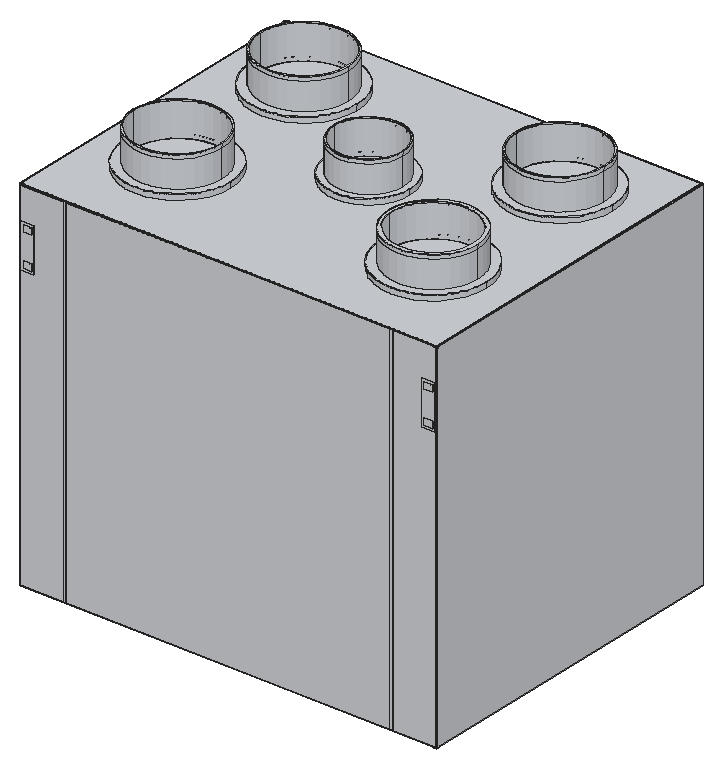
Revit family "Flexit Nordic S 4 R E 800 L 230", category Mechanical Equipment, Revit 2018
Family settings
  Round Connector Dimension = Use Radius
  Part Type = Normal
  Work Plane-Based = No
  Always vertical = Yes
  Cut with Voids When Loaded = No
  Shared = No
  Room Calculation Point = No
Parameters
  magiProductId = "Flexit Nordic S 4 R E 800 L 230"
  magiPartTypeId = 210
  magiFamilyGeom = MagiCAD_Flexit Nordic S 4 R E 800 L 230 : MagiCAD_Flexit Nordic S 4 R E 800 L 230
  Ytelse  SFP-sum vinter [instance] = "0.97 kJ/m³"
  Weight = 0.00 kg
  Vifte, tilluft  Vinter  Vifteinstilling [instance] = "60 %"
  Vifte, avtrekksluft  Vinter  Vifteinstilling [instance] = "60 %"
  VersionID = "1.0/2020.0"
  Varmegjenvinning  Vinter  Komponentvirkningsgrad, tilluft (EN308) [instance] = "85 %"
  Varmegjenvinning  Vinter  Aggregatvirkningsgrad, tilluft (EN13141-7) [instance] = "83 %"
  Uteluft [instance] = "160 mm"
  Tilluftskanal, vinter [instance] = "37 47 54 55 52 52 44 35 dB(A)"
  Tilluft  Trykkfall vinter [instance] = 80.0 Pa
  Tilluft  Luftmengde vinter [instance] = "0.075 m³/s"
  Tilluft [instance] = "160 mm"
  Supply 1 Sound power level [instance] = "63 64 62 58 52 51 43 36 dB"
  Supply 1 Pressure drop min [instance] = 72.0 Pa
  Supply 1 Pressure drop max [instance] = 88.0 Pa
  Supply 1 Pressure drop [instance] = 80.0 Pa
  Supply 1 Airflow operation point min [instance] = 71.25 L/s
  Supply 1 Airflow operation point max [instance] = 78.75 L/s
  Supply 1 Airflow min [instance] = 27.7 L/s
  Supply 1 Airflow max [instance] = 138.8 L/s
  Supply 1 Airflow [instance] = 75.0 L/s
  Resultater  Vekt [instance] = "62 kg"
  Productdata [instance] = "© MagiCAD Group, all rights reserved"
  Pressure rise, supply [instance] = 80.0 Pa
  Pressure rise, extract [instance] = 80.0 Pa
  Outdoor 1 Sound power level [instance] = "63 64 62 58 52 51 43 36 dB"
  Outdoor 1 Pressure drop min [instance] = 0.0 Pa
  Outdoor 1 Pressure drop max [instance] = 0.0 Pa
  Outdoor 1 Pressure drop [instance] = 0.0 Pa
  Outdoor 1 Airflow operation point min [instance] = 71.25 L/s
  Outdoor 1 Airflow operation point max [instance] = 78.75 L/s
  Outdoor 1 Airflow min [instance] = 27.7 L/s
  Outdoor 1 Airflow max [instance] = 138.8 L/s
  Outdoor 1 Airflow [instance] = 75.0 L/s
  Omgivelse, vinter [instance] = "25 30 33 29 28 32 27 22 dB(A)"
  Kjøkkenkanal [instance] = "125 mm"
  Generelt  Informasjon [instance] = ""
  Generelt  Beskrivelse / Plassering [instance] = ""
  Extract 9 Sound power level [instance] = "55 56 55 40 37 34 24 21 dB"
  Extract 9 Pressure drop min [instance] = 0.0 Pa
  Extract 9 Pressure drop max [instance] = 0.0 Pa
  Extract 9 Pressure drop [instance] = 0.0 Pa
  Extract 9 Airflow operation point min [instance] = 71.25 L/s
  Extract 9 Airflow operation point max [instance] = 78.75 L/s
  Extract 9 Airflow min [instance] = 27.7 L/s
  Extract 9 Airflow max [instance] = 138.8 L/s
  Extract 9 Airflow [instance] = 75.0 L/s
  Extract 1 Sound power level [instance] = "55 56 55 40 37 34 24 21 dB"
  Extract 1 Pressure drop min [instance] = 72.0 Pa
  Extract 1 Pressure drop max [instance] = 88.0 Pa
  Extract 1 Pressure drop [instance] = 80.0 Pa
  Extract 1 Airflow operation point min [instance] = 71.25 L/s
  Extract 1 Airflow operation point max [instance] = 78.75 L/s
  Extract 1 Airflow min [instance] = 27.7 L/s
  Extract 1 Airflow max [instance] = 138.8 L/s
  Extract 1 Airflow [instance] = 75.0 L/s
  Exhaust 1 Sound power level [instance] = "55 56 55 40 37 34 24 21 dB"
  Exhaust 1 Pressure drop min [instance] = 0.0 Pa
  Exhaust 1 Pressure drop max [instance] = 0.0 Pa
  Exhaust 1 Pressure drop [instance] = 0.0 Pa
  Exhaust 1 Airflow operation point min [instance] = 71.25 L/s
  Exhaust 1 Airflow operation point max [instance] = 78.75 L/s
  Exhaust 1 Airflow min [instance] = 27.7 L/s
  Exhaust 1 Airflow max [instance] = 138.8 L/s
  Exhaust 1 Airflow [instance] = 75.0 L/s
  Dimensjoner [instance] = "753x600x715 mm"
  Avtrekkskanal, vinter [instance] = "29 40 46 37 37 35 25 20 dB(A)"
  Avtrekk  Trykkfall vinter [instance] = 80.0 Pa
  Avtrekk  Luftmengde vinter [instance] = "0.075 m³/s"
  Avtrekk [instance] = "160 mm"
  Avkast [instance] = "160 mm"
Reference planes
  plane 1 "Center (Front/Back)": y = 0
  plane 2: z = 0
  plane 3 "Center (Left/Right)": x = 0
Forms (mm)
  Extrusion 1, solid, not visible
    sketch origin (607, 174, 715) x (1, 0, 0) y (0, 1, 0)
      loop
        line (15.24, 15.24) -> (-15.24, 15.24) -> (-15.24, -15.24) -> (15.24, -15.24) -> (15.24, 15.24)
    from 0 to -30.48
  Extrusion 2, solid, not visible
    sketch origin (146, 174, 715) x (1, 0, 0) y (0, 1, 0)
      loop
        line (15.24, 15.24) -> (-15.24, 15.24) -> (-15.24, -15.24) -> (15.24, -15.24) -> (15.24, 15.24)
    from 0 to -30.48
  Extrusion 3, solid, not visible
    sketch origin (607, 459, 715) x (1, 0, 0) y (0, 1, 0)
      loop
        line (15.24, 15.24) -> (-15.24, 15.24) -> (-15.24, -15.24) -> (15.24, -15.24) -> (15.24, 15.24)
    from 0 to -30.48
  Extrusion 4, solid, not visible
    sketch origin (376.5, 316, 715) x (1, 0, 0) y (0, 1, 0)
      loop
        line (15.24, 15.24) -> (-15.24, 15.24) -> (-15.24, -15.24) -> (15.24, -15.24) -> (15.24, 15.24)
    from 0 to -30.48
  Extrusion 5, solid, not visible
    sketch origin (146, 459, 715) x (1, 0, 0) y (0, 1, 0)
      loop
        line (15.24, 15.24) -> (-15.24, 15.24) -> (-15.24, -15.24) -> (15.24, -15.24) -> (15.24, 15.24)
    from 0 to -30.48
Text (mm)
  text "© MagiCAD Group, all rights reserved" at (-487.68, -1524, 0), in view "Ref. Level"
Nested families
  nested 1: "MagiCAD_Flexit Nordic S 4 R E 800 L 230" at (0, 0, 0), type <- "magiFamilyGeom", type "MagiCAD_Flexit Nordic S 4 R E 800 L 230"
Connectors
  hvac at (607, 174, 715)
    settings: on Extrusion 1, index 1, duct flow 0.0 L/s, flow factor 0, pres drop 0.0 Pa, loss coef 0, conn angle 0.00°, conn width 304.8 mm, conn height 304.8 mm, conn diameter 160 mm, duct sys type 1, conn prof type 0, flow config 0, flow direction 2, loss method 0, conn ref index -1, conn util no, is conn primary yes, conn desc "Supply 1"
  hvac at (146, 174, 715)
    settings: on Extrusion 2, index 2, duct flow 0.0 L/s, flow factor 0, pres drop 0.0 Pa, loss coef 0, conn angle 0.00°, conn width 304.8 mm, conn height 304.8 mm, conn diameter 160 mm, duct sys type 1, conn prof type 0, flow config 0, flow direction 1, loss method 0, conn ref index -1, conn util no, is conn primary no, conn desc "Outdoor 1"
  hvac at (607, 459, 715)
    settings: on Extrusion 3, index 3, duct flow 0.0 L/s, flow factor 0, pres drop 0.0 Pa, loss coef 0, conn angle 0.00°, conn width 304.8 mm, conn height 304.8 mm, conn diameter 160 mm, duct sys type 2, conn prof type 0, flow config 0, flow direction 1, loss method 0, conn ref index -1, conn util no, is conn primary no, conn desc "Extract 1"
  hvac at (376.5, 316, 715)
    settings: on Extrusion 4, index 4, duct flow 0.0 L/s, flow factor 0, pres drop 0.0 Pa, loss coef 0, conn angle 0.00°, conn width 304.8 mm, conn height 304.8 mm, conn diameter 125 mm, duct sys type 2, conn prof type 0, flow config 0, flow direction 1, loss method 0, conn ref index -1, conn util no, is conn primary no, conn desc "Extract 9"
  hvac at (146, 459, 715)
    settings: on Extrusion 5, index 5, duct flow 0.0 L/s, flow factor 0, pres drop 0.0 Pa, loss coef 0, conn angle 0.00°, conn width 304.8 mm, conn height 304.8 mm, conn diameter 160 mm, duct sys type 3, conn prof type 0, flow config 0, flow direction 2, loss method 0, conn ref index -1, conn util no, is conn primary no, conn desc "Exhaust 1"
Definition of nested family "MagiCAD_Flexit Nordic S 4 R E 800 L 230"
  Reference planes
    plane 1 "Center (Front/Back)": y = 0
    plane 2: z = 0
    plane 3 "Center (Left/Right)": x = 0
  Forms (mm)
    Extrusion 1, solid
      sketch origin (146, 459, 650) x (1, 0, 0) y (0, 1, 0)
        loop
          circle (0, 0) r 79.9
      from 0 to 2
    Extrusion 2, void
      sketch origin (146, 459, 650) x (1, 0, 0) y (0, 1, 0)
        loop
          circle (0, 0) r 79.7
      from 0.2 to 2
    Extrusion 3, solid
      sketch origin (146, 459, 650) x (1, 0, 0) y (0, 1, 0)
        loop
          circle (0, 0) r 80
      from 0 to 65
    Extrusion 4, void
      sketch origin (146, 459, 650) x (1, 0, 0) y (0, 1, 0)
        loop
          circle (0, 0) r 79.8
      from 0 to 65
    Extrusion 5, solid
      sketch origin (146, 459, 650) x (1, 0, 0) y (0, 1, 0)
        loop
          circle (0, 0) r 96
      from 0 to 10
    Extrusion 6, void
      sketch origin (146, 459, 650) x (1, 0, 0) y (0, 1, 0)
        loop
          circle (0, 0) r 95.8
      from 0 to 10
    Extrusion 7, solid
      sketch origin (146, 459, 708.5) x (1, 0, 0) y (0, 1, 0)
        loop
          circle (0, 0) r 80.05
      from 0 to 6.5
    Extrusion 8, void
      sketch origin (146, 459, 708.5) x (1, 0, 0) y (0, 1, 0)
        loop
          circle (0, 0) r 79.85
      from 0 to 6.5
    Extrusion 9, solid
      sketch origin (607, 459, 650) x (1, 0, 0) y (0, 1, 0)
        loop
          circle (0, 0) r 79.9
      from 0 to 2
    Extrusion 10, void
      sketch origin (607, 459, 650) x (1, 0, 0) y (0, 1, 0)
        loop
          circle (0, 0) r 79.7
      from 0.2 to 2
    Extrusion 11, solid
      sketch origin (607, 459, 650) x (1, 0, 0) y (0, 1, 0)
        loop
          circle (0, 0) r 80
      from 0 to 65
    Extrusion 12, void
      sketch origin (607, 459, 650) x (1, 0, 0) y (0, 1, 0)
        loop
          circle (0, 0) r 79.8
      from 0 to 65
    Extrusion 13, solid
      sketch origin (607, 459, 650) x (1, 0, 0) y (0, 1, 0)
        loop
          circle (0, 0) r 96
      from 0 to 10
    Extrusion 14, void
      sketch origin (607, 459, 650) x (1, 0, 0) y (0, 1, 0)
        loop
          circle (0, 0) r 95.8
      from 0 to 10
    Extrusion 15, solid
      sketch origin (607, 459, 708.5) x (1, 0, 0) y (0, 1, 0)
        loop
          circle (0, 0) r 80.05
      from 0 to 6.5
    Extrusion 16, void
      sketch origin (607, 459, 708.5) x (1, 0, 0) y (0, 1, 0)
        loop
          circle (0, 0) r 79.85
      from 0 to 6.5
    Extrusion 17, solid
      sketch origin (146, 174, 650) x (1, 0, 0) y (0, 1, 0)
        loop
          circle (0, 0) r 79.9
      from 0 to 2
    Extrusion 18, void
      sketch origin (146, 174, 650) x (1, 0, 0) y (0, 1, 0)
        loop
          circle (0, 0) r 79.7
      from 0.2 to 2
    Extrusion 19, solid
      sketch origin (146, 174, 650) x (1, 0, 0) y (0, 1, 0)
        loop
          circle (0, 0) r 80
      from 0 to 65
    Extrusion 20, void
      sketch origin (146, 174, 650) x (1, 0, 0) y (0, 1, 0)
        loop
          circle (0, 0) r 79.8
      from 0 to 65
    Extrusion 21, solid
      sketch origin (146, 174, 650) x (1, 0, 0) y (0, 1, 0)
        loop
          circle (0, 0) r 96
      from 0 to 10
    Extrusion 22, void
      sketch origin (146, 174, 650) x (1, 0, 0) y (0, 1, 0)
        loop
          circle (0, 0) r 95.8
      from 0 to 10
    Extrusion 23, solid
      sketch origin (146, 174, 708.5) x (1, 0, 0) y (0, 1, 0)
        loop
          circle (0, 0) r 80.05
      from 0 to 6.5
    Extrusion 24, void
      sketch origin (146, 174, 708.5) x (1, 0, 0) y (0, 1, 0)
        loop
          circle (0, 0) r 79.85
      from 0 to 6.5
    Extrusion 25, solid
      sketch origin (607, 174, 650) x (1, 0, 0) y (0, 1, 0)
        loop
          circle (0, 0) r 79.9
      from 0 to 2
    Extrusion 26, void
      sketch origin (607, 174, 650) x (1, 0, 0) y (0, 1, 0)
        loop
          circle (0, 0) r 79.7
      from 0.2 to 2
    Extrusion 27, solid
      sketch origin (607, 174, 650) x (1, 0, 0) y (0, 1, 0)
        loop
          circle (0, 0) r 80
      from 0 to 65
    Extrusion 28, void
      sketch origin (607, 174, 650) x (1, 0, 0) y (0, 1, 0)
        loop
          circle (0, 0) r 79.8
      from 0 to 65
    Extrusion 29, solid
      sketch origin (607, 174, 650) x (1, 0, 0) y (0, 1, 0)
        loop
          circle (0, 0) r 96
      from 0 to 10
    Extrusion 30, void
      sketch origin (607, 174, 650) x (1, 0, 0) y (0, 1, 0)
        loop
          circle (0, 0) r 95.8
      from 0 to 10
    Extrusion 31, solid
      sketch origin (607, 174, 708.5) x (1, 0, 0) y (0, 1, 0)
        loop
          circle (0, 0) r 80.05
      from 0 to 6.5
    Extrusion 32, void
      sketch origin (607, 174, 708.5) x (1, 0, 0) y (0, 1, 0)
        loop
          circle (0, 0) r 79.85
      from 0 to 6.5
    Extrusion 33, solid
      sketch origin (376.5, 316, 650) x (1, 0, 0) y (0, 1, 0)
        loop
          circle (0, 0) r 62.4
      from 0 to 2
    Extrusion 34, void
      sketch origin (376.5, 316, 650) x (1, 0, 0) y (0, 1, 0)
        loop
          circle (0, 0) r 62.2
      from 0.2 to 2
    Extrusion 35, solid
      sketch origin (376.5, 316, 650) x (1, 0, 0) y (0, 1, 0)
        loop
          circle (0, 0) r 62.5
      from 0 to 65
    Extrusion 36, void
      sketch origin (376.5, 316, 650) x (1, 0, 0) y (0, 1, 0)
        loop
          circle (0, 0) r 62.3
      from 0 to 65
    Extrusion 37, solid
      sketch origin (376.5, 316, 650) x (1, 0, 0) y (0, 1, 0)
        loop
          circle (0, 0) r 75
      from 0 to 10
    Extrusion 38, void
      sketch origin (376.5, 316, 650) x (1, 0, 0) y (0, 1, 0)
        loop
          circle (0, 0) r 74.8
      from 0 to 10
    Extrusion 39, solid
      sketch origin (376.5, 316, 708.5) x (1, 0, 0) y (0, 1, 0)
        loop
          circle (0, 0) r 62.55
      from 0 to 6.5
    Extrusion 40, void
      sketch origin (376.5, 316, 708.5) x (1, 0, 0) y (0, 1, 0)
        loop
          circle (0, 0) r 62.35
      from 0 to 6.5
    Extrusion 41, solid
      sketch origin (146, 459, 660) x (1, 0, 0) y (0, 1, 0)
        loop
          circle (0, 0) r 80.05
        loop
          circle (0, 0) r 96
      from -0.1 to 0.1
    Extrusion 42, solid
      sketch origin (146, 459, 652) x (1, 0, 0) y (0, 1, 0)
        loop
          circle (0, 0) r 79.9
      from -0.1 to 0.1
    Extrusion 43, solid
      sketch origin (146, 459, 715) x (1, 0, 0) y (0, 1, 0)
        loop
          circle (0, 0) r 78
        loop
          circle (0, 0) r 80
      from -0.1 to 0.1
    Extrusion 44, solid
      sketch origin (607, 459, 660) x (1, 0, 0) y (0, 1, 0)
        loop
          circle (0, 0) r 80.05
        loop
          circle (0, 0) r 96
      from -0.1 to 0.1
    Extrusion 45, solid
      sketch origin (607, 459, 652) x (1, 0, 0) y (0, 1, 0)
        loop
          circle (0, 0) r 79.9
      from -0.1 to 0.1
    Extrusion 46, solid
      sketch origin (607, 459, 715) x (1, 0, 0) y (0, 1, 0)
        loop
          circle (0, 0) r 78
        loop
          circle (0, 0) r 80
      from -0.1 to 0.1
    Extrusion 47, solid
      sketch origin (146, 174, 660) x (1, 0, 0) y (0, 1, 0)
        loop
          circle (0, 0) r 80.05
        loop
          circle (0, 0) r 96
      from -0.1 to 0.1
    Extrusion 48, solid
      sketch origin (146, 174, 652) x (1, 0, 0) y (0, 1, 0)
        loop
          circle (0, 0) r 79.9
      from -0.1 to 0.1
    Extrusion 49, solid
      sketch origin (146, 174, 715) x (1, 0, 0) y (0, 1, 0)
        loop
          circle (0, 0) r 78
        loop
          circle (0, 0) r 80
      from -0.1 to 0.1
    Extrusion 50, solid
      sketch origin (607, 174, 660) x (1, 0, 0) y (0, 1, 0)
        loop
          circle (0, 0) r 80.05
        loop
          circle (0, 0) r 96
      from -0.1 to 0.1
    Extrusion 51, solid
      sketch origin (607, 174, 652) x (1, 0, 0) y (0, 1, 0)
        loop
          circle (0, 0) r 79.9
      from -0.1 to 0.1
    Extrusion 52, solid
      sketch origin (607, 174, 715) x (1, 0, 0) y (0, 1, 0)
        loop
          circle (0, 0) r 73.5
        loop
          circle (0, 0) r 80
      from -0.1 to 0.1
    Extrusion 53, solid
      sketch origin (376.5, 316, 660) x (1, 0, 0) y (0, 1, 0)
        loop
          circle (0, 0) r 62.55
        loop
          circle (0, 0) r 75
      from -0.1 to 0.1
    Extrusion 54, solid
      sketch origin (376.5, 316, 652) x (1, 0, 0) y (0, 1, 0)
        loop
          circle (0, 0) r 62.4
      from -0.1 to 0.1
    Extrusion 55, solid
      sketch origin (376.5, 316, 715) x (1, 0, 0) y (0, 1, 0)
        loop
          circle (0, 0) r 60.5
        loop
          circle (0, 0) r 62.5
      from -0.1 to 0.1
    Extrusion 56, solid
      sketch origin (2, 598, 648) x (1, 0, 0) y (0, 1, 0)
        loop
          line (749, 0) -> (749, 2) -> (0, 2) -> (0, 0) -> (749, 0)
      from -0.1 to 0.1
    Extrusion 57, solid
      sketch origin (2, 598, 650) x (0, 0, 1) y (1, 0, 0)
        loop
          line (0, 749) -> (-2, 749) -> (-2, 0) -> (0, 0) -> (0, 749)
      from -0.1 to 0.1
    Extrusion 58, solid
      sketch origin (2, 600, 648) x (1, 0, 0) y (0, -0.707107, 0.707107)
        loop
          line (749, 0) -> (749, 2.828) -> (0, 2.828) -> (0, 0) -> (749, 0)
      from -0.1 to 0.1
    Extrusion 59, solid
      sketch origin (751, 598, 648) x (0, 1, 0) y (0, 0, 1)
        loop
          line (2, 0) -> (0, 2) -> (0, 0) -> (2, 0)
      from -0.1 to 0.1
    Extrusion 60, solid
      sketch origin (2, 598, 648) x (0, 1, 0) y (0, 0, 1)
        loop
          line (2, 0) -> (0, 2) -> (0, 0) -> (2, 0)
      from -0.1 to 0.1
    Extrusion 61, solid
      sketch origin (2, 598, 2) x (0, 0, 1) y (1, 0, 0)
        loop
          line (0, 749) -> (-2, 749) -> (-2, 0) -> (0, 0) -> (0, 749)
      from -0.1 to 0.1
    Extrusion 62, solid
      sketch origin (2, 600, 2) x (0, 1, 0) y (1, 0, 0)
        loop
          line (0, 749) -> (-2, 749) -> (-2, 0) -> (0, 0) -> (0, 749)
      from -0.1 to 0.1
    Extrusion 63, solid
      sketch origin (2, 598, 0) x (1, 0, 0) y (0, 0.707107, 0.707107)
        loop
          line (749, 0) -> (749, 2.828) -> (0, 2.828) -> (0, 0) -> (749, 0)
      from -0.1 to 0.1
    Extrusion 64, solid
      sketch origin (751, 598, 2) x (0, 1, 0) y (0, 0, 1)
        loop
          line (0, -2) -> (2, 0) -> (0, 0) -> (0, -2)
      from -0.1 to 0.1
    Extrusion 65, solid
      sketch origin (2, 598, 2) x (0, 1, 0) y (0, 0, 1)
        loop
          line (0, -2) -> (2, 0) -> (0, 0) -> (0, -2)
      from -0.1 to 0.1
    Extrusion 66, solid
      sketch origin (751, 598, 648) x (0, 1, 0) y (0, 0, 1)
        loop
          line (0, -646) -> (2, -646) -> (2, 0) -> (0, 0) -> (0, -646)
      from -0.1 to 0.1
    Extrusion 67, solid
      sketch origin (753, 598, 648) x (0, 0, 1) y (1, 0, 0)
        loop
          line (-646, 0) -> (-646, -2) -> (0, -2) -> (0, 0) -> (-646, 0)
      from -0.1 to 0.1
    Extrusion 68, solid
      sketch origin (751, 600, 648) x (0.707107, -0.707107, 0) y (0, 0, 1)
        loop
          line (0, -646) -> (2.828, -646) -> (2.828, 0) -> (0, 0) -> (0, -646)
      from -0.1 to 0.1
    Extrusion 69, solid
      sketch origin (751, 598, 2) x (0, 1, 0) y (1, 0, 0)
        loop
          line (2, 0) -> (0, 2) -> (0, 0) -> (2, 0)
      from -0.1 to 0.1
    Extrusion 70, solid
      sketch origin (751, 598, 648) x (0, 1, 0) y (1, 0, 0)
        loop
          line (2, 0) -> (0, 2) -> (0, 0) -> (2, 0)
      from -0.1 to 0.1
    Extrusion 71, solid
      sketch origin (2, 598, 648) x (0, 1, 0) y (0, 0, 1)
        loop
          line (0, -646) -> (2, -646) -> (2, 0) -> (0, 0) -> (0, -646)
      from -0.1 to 0.1
    Extrusion 72, solid
      sketch origin (0, 598, 648) x (0, 0, -1) y (1, 0, 0)
        loop
          line (646, 0) -> (646, 2) -> (0, 2) -> (0, 0) -> (646, 0)
      from -0.1 to 0.1
    Extrusion 73, solid
      sketch origin (2, 600, 648) x (0.707107, 0.707107, 0) y (0, 0, -1)
        loop
          line (0, 646) -> (-2.828, 646) -> (-2.828, 0) -> (0, 0) -> (0, 646)
      from -0.1 to 0.1
    Extrusion 74, solid
      sketch origin (2, 598, 2) x (1, 0, 0) y (0, 1, 0)
        loop
          line (0, 2) -> (-2, 0) -> (0, 0) -> (0, 2)
      from -0.1 to 0.1
    Extrusion 75, solid
      sketch origin (2, 598, 648) x (1, 0, 0) y (0, 1, 0)
        loop
          line (0, 2) -> (-2, 0) -> (0, 0) -> (0, 2)
      from -0.1 to 0.1
    Extrusion 76, solid
      sketch origin (751, 2, 648) x (0, 0, -1) y (1, 0, 0)
        loop
          line (646, 0) -> (646, 2) -> (0, 2) -> (0, 0) -> (646, 0)
      from -0.1 to 0.1
    Extrusion 77, solid
      sketch origin (751, 0, 648) x (0, 1, 0) y (0, 0, 1)
        loop
          line (0, -646) -> (2, -646) -> (2, 0) -> (0, 0) -> (0, -646)
      from -0.1 to 0.1
    Extrusion 78, solid
      sketch origin (753, 2, 648) x (0.707107, 0.707107, 0) y (0, 0, -1)
        loop
          line (0, 646) -> (-2.828, 646) -> (-2.828, 0) -> (0, 0) -> (0, 646)
      from -0.1 to 0.1
    Extrusion 79, solid
      sketch origin (751, 2, 2) x (0, 1, 0) y (1, 0, 0)
        loop
          line (0, 2) -> (-2, 0) -> (0, 0) -> (0, 2)
      from -0.1 to 0.1
    Extrusion 80, solid
      sketch origin (751, 2, 648) x (0, 1, 0) y (1, 0, 0)
        loop
          line (0, 2) -> (-2, 0) -> (0, 0) -> (0, 2)
      from -0.1 to 0.1
    Extrusion 81, solid
      sketch origin (2, 2, 648) x (0, 0, 1) y (1, 0, 0)
        loop
          line (-646, 0) -> (-646, -2) -> (0, -2) -> (0, 0) -> (-646, 0)
      from -0.1 to 0.1
    Extrusion 82, solid
      sketch origin (2, 0, 648) x (0, 1, 0) y (0, 0, 1)
        loop
          line (0, -646) -> (2, -646) -> (2, 0) -> (0, 0) -> (0, -646)
      from -0.1 to 0.1
    Extrusion 83, solid
      sketch origin (0, 2, 648) x (0.707107, -0.707107, 0) y (0, 0, 1)
        loop
          line (0, -646) -> (2.828, -646) -> (2.828, 0) -> (0, 0) -> (0, -646)
      from -0.1 to 0.1
    Extrusion 84, solid
      sketch origin (2, 2, 2) x (1, 0, 0) y (0, 1, 0)
        loop
          line (-2, 0) -> (0, -2) -> (0, 0) -> (-2, 0)
      from -0.1 to 0.1
    Extrusion 85, solid
      sketch origin (2, 2, 648) x (1, 0, 0) y (0, 1, 0)
        loop
          line (-2, 0) -> (0, -2) -> (0, 0) -> (-2, 0)
      from -0.1 to 0.1
    Extrusion 86, solid
      sketch origin (2, 2, 648) x (0, 0, -1) y (1, 0, 0)
        loop
          line (0, 749) -> (-2, 749) -> (-2, 0) -> (0, 0) -> (0, 749)
      from -0.1 to 0.1
    Extrusion 87, solid
      sketch origin (2, 0, 648) x (1, 0, 0) y (0, 1, 0)
        loop
          line (749, 0) -> (749, 2) -> (0, 2) -> (0, 0) -> (749, 0)
      from -0.1 to 0.1
    Extrusion 88, solid
      sketch origin (2, 2, 650) x (1, 0, 0) y (0, -0.707107, -0.707107)
        loop
          line (749, 0) -> (749, 2.828) -> (0, 2.828) -> (0, 0) -> (749, 0)
      from -0.1 to 0.1
    Extrusion 89, solid
      sketch origin (751, 2, 648) x (0, 1, 0) y (0, 0, 1)
        loop
          line (0, 2) -> (-2, 0) -> (0, 0) -> (0, 2)
      from -0.1 to 0.1
    Extrusion 90, solid
      sketch origin (2, 2, 648) x (0, 1, 0) y (0, 0, 1)
        loop
          line (0, 2) -> (-2, 0) -> (0, 0) -> (0, 2)
      from -0.1 to 0.1
    Extrusion 91, solid
      sketch origin (2, 2, 2) x (0, 1, 0) y (1, 0, 0)
        loop
          line (0, 749) -> (-2, 749) -> (-2, 0) -> (0, 0) -> (0, 749)
      from -0.1 to 0.1
    Extrusion 92, solid
      sketch origin (2, 2, 0) x (0, 0, -1) y (1, 0, 0)
        loop
          line (0, 749) -> (-2, 749) -> (-2, 0) -> (0, 0) -> (0, 749)
      from -0.1 to 0.1
    Extrusion 93, solid
      sketch origin (2, 0, 2) x (1, 0, 0) y (0, 0.707107, -0.707107)
        loop
          line (749, 0) -> (749, 2.828) -> (0, 2.828) -> (0, 0) -> (749, 0)
      from -0.1 to 0.1
    Extrusion 94, solid
      sketch origin (751, 2, 2) x (0, 1, 0) y (0, 0, 1)
        loop
          line (-2, 0) -> (0, -2) -> (0, 0) -> (-2, 0)
      from -0.1 to 0.1
    Extrusion 95, solid
      sketch origin (2, 2, 2) x (0, 1, 0) y (0, 0, 1)
        loop
          line (-2, 0) -> (0, -2) -> (0, 0) -> (-2, 0)
      from -0.1 to 0.1
    Extrusion 96, solid
      sketch origin (751, 2, 648) x (0, 1, 0) y (0, 0, 1)
        loop
          line (596, 0) -> (596, 2) -> (0, 2) -> (0, 0) -> (596, 0)
      from -0.1 to 0.1
    Extrusion 97, solid
      sketch origin (753, 2, 648) x (1, 0, 0) y (0, 1, 0)
        loop
          line (0, 596) -> (-2, 596) -> (-2, 0) -> (0, 0) -> (0, 596)
      from -0.1 to 0.1
    Extrusion 98, solid
      sketch origin (751, 2, 650) x (0.707107, 0, -0.707107) y (0, -1, 0)
        loop
          line (0, -596) -> (2.828, -596) -> (2.828, 0) -> (0, 0) -> (0, -596)
      from -0.1 to 0.1
    Extrusion 99, solid
      sketch origin (751, 598, 648) x (0, 0, 1) y (1, 0, 0)
        loop
          line (2, 0) -> (0, 2) -> (0, 0) -> (2, 0)
      from -0.1 to 0.1
    Extrusion 100, solid
      sketch origin (751, 2, 648) x (0, 0, 1) y (1, 0, 0)
        loop
          line (2, 0) -> (0, 2) -> (0, 0) -> (2, 0)
      from -0.1 to 0.1
    Extrusion 101, solid
      sketch origin (751, 2, 2) x (0, 1, 0) y (1, 0, 0)
        loop
          line (596, 0) -> (596, 2) -> (0, 2) -> (0, 0) -> (596, 0)
      from -0.1 to 0.1
    Extrusion 102, solid
      sketch origin (751, 2, 0) x (0, 1, 0) y (0, 0, 1)
        loop
          line (596, 0) -> (596, 2) -> (0, 2) -> (0, 0) -> (596, 0)
      from -0.1 to 0.1
    Extrusion 103, solid
      sketch origin (753, 2, 2) x (0.707107, 0, 0.707107) y (0, 1, 0)
        loop
          line (0, 596) -> (-2.828, 596) -> (-2.828, 0) -> (0, 0) -> (0, 596)
      from -0.1 to 0.1
    Extrusion 104, solid
      sketch origin (751, 598, 2) x (0, 0, 1) y (1, 0, 0)
        loop
          line (0, 2) -> (-2, 0) -> (0, 0) -> (0, 2)
      from -0.1 to 0.1
    Extrusion 105, solid
      sketch origin (751, 2, 2) x (0, 0, 1) y (1, 0, 0)
        loop
          line (0, 2) -> (-2, 0) -> (0, 0) -> (0, 2)
      from -0.1 to 0.1
    Extrusion 106, solid
      sketch origin (2, 2, 648) x (0, 1, 0) y (0, 0, 1)
        loop
          line (596, 0) -> (596, 2) -> (0, 2) -> (0, 0) -> (596, 0)
      from -0.1 to 0.1
    Extrusion 107, solid
      sketch origin (0, 2, 648) x (0, 1, 0) y (1, 0, 0)
        loop
          line (596, 0) -> (596, 2) -> (0, 2) -> (0, 0) -> (596, 0)
      from -0.1 to 0.1
    Extrusion 108, solid
      sketch origin (2, 2, 650) x (0.707107, 0, 0.707107) y (0, 1, 0)
        loop
          line (0, 596) -> (-2.828, 596) -> (-2.828, 0) -> (0, 0) -> (0, 596)
      from -0.1 to 0.1
    Extrusion 109, solid
      sketch origin (2, 598, 648) x (0, 0, -1) y (1, 0, 0)
        loop
          line (-2, 0) -> (0, -2) -> (0, 0) -> (-2, 0)
      from -0.1 to 0.1
    Extrusion 110, solid
      sketch origin (2, 2, 648) x (0, 0, -1) y (1, 0, 0)
        loop
          line (-2, 0) -> (0, -2) -> (0, 0) -> (-2, 0)
      from -0.1 to 0.1
    Extrusion 111, solid
      sketch origin (2, 2, 2) x (1, 0, 0) y (0, 1, 0)
        loop
          line (0, 596) -> (-2, 596) -> (-2, 0) -> (0, 0) -> (0, 596)
      from -0.1 to 0.1
    Extrusion 112, solid
      sketch origin (2, 2, 0) x (0, 1, 0) y (0, 0, 1)
        loop
          line (596, 0) -> (596, 2) -> (0, 2) -> (0, 0) -> (596, 0)
      from -0.1 to 0.1
    Extrusion 113, solid
      sketch origin (0, 2, 2) x (0.707107, 0, -0.707107) y (0, -1, 0)
        loop
          line (0, -596) -> (2.828, -596) -> (2.828, 0) -> (0, 0) -> (0, -596)
      from -0.1 to 0.1
    Extrusion 114, solid
      sketch origin (2, 598, 2) x (0, 0, -1) y (1, 0, 0)
        loop
          line (0, -2) -> (2, 0) -> (0, 0) -> (0, -2)
      from -0.1 to 0.1
    Extrusion 115, solid
      sketch origin (2, 2, 2) x (0, 0, -1) y (1, 0, 0)
        loop
          line (0, -2) -> (2, 0) -> (0, 0) -> (0, -2)
      from -0.1 to 0.1
    Extrusion 116, solid
      sketch origin (2, 2, 648) x (0, -1, 0) y (0, 0, 1)
        loop
          line (0, 2) -> (-596, 2) -> (-596, 0) -> (0, 0) -> (0, 2)
      from -0.1 to 0.1
    Extrusion 117, solid
      sketch origin (751, 2, 648) x (0, 0, -1) y (1, 0, 0)
        loop
          line (-2, 0) -> (-2, -749) -> (0, -749) -> (0, 0) -> (-2, 0)
      from -0.1 to 0.1
    Extrusion 118, solid
      sketch origin (751, 598, 648) x (0, 1, 0) y (0, 0, 1)
        loop
          line (0, 2) -> (-596, 2) -> (-596, 0) -> (0, 0) -> (0, 2)
      from -0.1 to 0.1
    Extrusion 119, solid
      sketch origin (2, 598, 648) x (0, 0, 1) y (1, 0, 0)
        loop
          line (2, 0) -> (2, 749) -> (0, 749) -> (0, 0) -> (2, 0)
      from -0.1 to 0.1
    Extrusion 120, solid
      sketch origin (751, 2, 650) x (1, 0, 0) y (0, 1, 0)
        loop
          line (0, 596) -> (-749, 596) -> (-749, 0) -> (0, 0) -> (0, 596)
      from -0.1 to 0.1
    Extrusion 121, solid
      sketch origin (751, 2, 648) x (1, 0, 0) y (0, 1, 0)
        loop
          line (0, 596) -> (-749, 596) -> (-749, 0) -> (0, 0) -> (0, 596)
      from -0.1 to 0.1
    Extrusion 122, solid
      sketch origin (2, 2, 2) x (0, 0, 1) y (1, 0, 0)
        loop
          line (0, -2) -> (646, -2) -> (646, 0) -> (0, 0) -> (0, -2)
      from -0.1 to 0.1
    Extrusion 123, solid
      sketch origin (2, 598, 2) x (1, 0, 0) y (0, 1, 0)
        loop
          line (-2, 0) -> (-2, -596) -> (0, -596) -> (0, 0) -> (-2, 0)
      from -0.1 to 0.1
    Extrusion 124, solid
      sketch origin (2, 598, 648) x (0, 0, -1) y (1, 0, 0)
        loop
          line (0, -2) -> (646, -2) -> (646, 0) -> (0, 0) -> (0, -2)
      from -0.1 to 0.1
    Extrusion 125, solid
      sketch origin (2, 2, 648) x (0, 1, 0) y (1, 0, 0)
        loop
          line (0, -2) -> (596, -2) -> (596, 0) -> (0, 0) -> (0, -2)
      from -0.1 to 0.1
    Extrusion 126, solid
      sketch origin (0, 2, 2) x (0, -1, 0) y (0, 0, 1)
        loop
          line (0, 646) -> (-596, 646) -> (-596, 0) -> (0, 0) -> (0, 646)
      from -0.1 to 0.1
    Extrusion 127, solid
      sketch origin (2, 2, 2) x (0, -1, 0) y (0, 0, 1)
        loop
          line (0, 646) -> (-596, 646) -> (-596, 0) -> (0, 0) -> (0, 646)
      from -0.1 to 0.1
    Extrusion 128, solid
      sketch origin (2, 598, 2) x (0, 1, 0) y (0, 0, 1)
        loop
          line (2, 0) -> (2, 646) -> (0, 646) -> (0, 0) -> (2, 0)
      from -0.1 to 0.1
    Extrusion 129, solid
      sketch origin (751, 598, 2) x (1, 0, 0) y (0, 1, 0)
        loop
          line (0, 2) -> (-749, 2) -> (-749, 0) -> (0, 0) -> (0, 2)
      from -0.1 to 0.1
    Extrusion 130, solid
      sketch origin (751, 598, 648) x (0, -1, 0) y (0, 0, 1)
        loop
          line (-2, 0) -> (-2, -646) -> (0, -646) -> (0, 0) -> (-2, 0)
      from -0.1 to 0.1
    Extrusion 131, solid
      sketch origin (2, 598, 648) x (0, 1, 0) y (1, 0, 0)
        loop
          line (2, 0) -> (2, 749) -> (0, 749) -> (0, 0) -> (2, 0)
      from -0.1 to 0.1
    Extrusion 132, solid
      sketch origin (2, 600, 2) x (0, 0, 1) y (1, 0, 0)
        loop
          line (646, 0) -> (646, 749) -> (0, 749) -> (0, 0) -> (646, 0)
      from -0.1 to 0.1
    Extrusion 133, solid
      sketch origin (2, 598, 2) x (0, 0, 1) y (1, 0, 0)
        loop
          line (646, 0) -> (646, 749) -> (0, 749) -> (0, 0) -> (646, 0)
      from -0.1 to 0.1
    Extrusion 134, solid
      sketch origin (751, 598, 2) x (0, 0, -1) y (1, 0, 0)
        loop
          line (0, 2) -> (-646, 2) -> (-646, 0) -> (0, 0) -> (0, 2)
      from -0.1 to 0.1
    Extrusion 135, solid
      sketch origin (751, 2, 2) x (1, 0, 0) y (0, 1, 0)
        loop
          line (2, 0) -> (2, 596) -> (0, 596) -> (0, 0) -> (2, 0)
      from -0.1 to 0.1
    Extrusion 136, solid
      sketch origin (751, 2, 648) x (0, 0, 1) y (1, 0, 0)
        loop
          line (0, 2) -> (-646, 2) -> (-646, 0) -> (0, 0) -> (0, 2)
      from -0.1 to 0.1
    Extrusion 137, solid
      sketch origin (751, 598, 648) x (0, 1, 0) y (1, 0, 0)
        loop
          line (0, 2) -> (-596, 2) -> (-596, 0) -> (0, 0) -> (0, 2)
      from -0.1 to 0.1
    Extrusion 138, solid
      sketch origin (753, 598, 2) x (0, 1, 0) y (0, 0, 1)
        loop
          line (0, 646) -> (-596, 646) -> (-596, 0) -> (0, 0) -> (0, 646)
      from -0.1 to 0.1
    Extrusion 139, solid
      sketch origin (751, 598, 2) x (0, 1, 0) y (0, 0, 1)
        loop
          line (0, 646) -> (-596, 646) -> (-596, 0) -> (0, 0) -> (0, 646)
      from -0.1 to 0.1
    Extrusion 140, solid
      sketch origin (2, 2, 2) x (0, 1, 0) y (0, 0, 1)
        loop
          line (0, -2) -> (596, -2) -> (596, 0) -> (0, 0) -> (0, -2)
      from -0.1 to 0.1
    Extrusion 141, solid
      sketch origin (751, 2, 2) x (0, 0, 1) y (1, 0, 0)
        loop
          line (-2, 0) -> (-2, -749) -> (0, -749) -> (0, 0) -> (-2, 0)
      from -0.1 to 0.1
    Extrusion 142, solid
      sketch origin (751, 598, 2) x (0, -1, 0) y (0, 0, 1)
        loop
          line (0, -2) -> (596, -2) -> (596, 0) -> (0, 0) -> (0, -2)
      from -0.1 to 0.1
    Extrusion 143, solid
      sketch origin (2, 598, 2) x (0, 0, -1) y (1, 0, 0)
        loop
          line (2, 0) -> (2, 749) -> (0, 749) -> (0, 0) -> (2, 0)
      from -0.1 to 0.1
    Extrusion 144, solid
      sketch origin (2, 2, 0) x (0, 1, 0) y (1, 0, 0)
        loop
          line (596, 0) -> (596, 749) -> (0, 749) -> (0, 0) -> (596, 0)
      from -0.1 to 0.1
    Extrusion 145, solid
      sketch origin (2, 2, 2) x (0, 1, 0) y (1, 0, 0)
        loop
          line (596, 0) -> (596, 749) -> (0, 749) -> (0, 0) -> (596, 0)
      from -0.1 to 0.1
    Extrusion 146, solid
      sketch origin (751, 600, 648) x (0.816497, -0.408248, -0.408248) y (0, -0.707107, 0.707107)
        loop
          line (2.449, 1.414) -> (0, 2.828) -> (0, 0) -> (2.449, 1.414)
      from -0.1 to 0.1
    Extrusion 147, solid
      sketch origin (751, 2, 0) x (0.816497, 0.408248, 0.408248) y (0, 0.707107, -0.707107)
        loop
          line (0, -2.828) -> (2.449, -1.414) -> (0, 0) -> (0, -2.828)
      from -0.1 to 0.1
    Extrusion 148, solid
      sketch origin (753, 2, 648) x (0.816497, 0.408248, -0.408248) y (0, 0.707107, 0.707107)
        loop
          line (-2.449, 1.414) -> (-2.449, -1.414) -> (0, 0) -> (-2.449, 1.414)
      from -0.1 to 0.1
    Extrusion 149, solid
      sketch origin (2, 600, 648) x (0.816497, 0.408248, 0.408248) y (0, 0.707107, -0.707107)
        loop
          line (-2.449, -1.414) -> (0, -2.828) -> (0, 0) -> (-2.449, -1.414)
      from -0.1 to 0.1
    Extrusion 150, solid
      sketch origin (0, 598, 2) x (0.816497, 0.408248, -0.408248) y (0, -0.707107, -0.707107)
        loop
          line (2.449, -1.414) -> (2.449, 1.414) -> (0, 0) -> (2.449, -1.414)
      from -0.1 to 0.1
    Extrusion 151, solid
      sketch origin (0, 2, 648) x (0.816497, -0.408248, 0.408248) y (0, 0.707107, 0.707107)
        loop
          line (2.449, -1.414) -> (2.449, 1.414) -> (0, 0) -> (2.449, -1.414)
      from -0.1 to 0.1
    Extrusion 152, solid
      sketch origin (751, 0, 648) x (0, 0, -1) y (1, 0, 0)
        loop
          line (0, -749) -> (646, -749) -> (646, 0) -> (0, 0) -> (0, -749)
      from -0.1 to 0.1
    Extrusion 153, solid
      sketch origin (751, 598, 0) x (0.816497, -0.408248, 0.408248) y (0, 0.707107, 0.707107)
        loop
          line (2.449, 1.414) -> (0, 2.828) -> (0, 0) -> (2.449, 1.414)
      from -0.1 to 0.1
    Extrusion 154, solid
      sketch origin (2, 2, 0) x (0.816497, -0.408248, -0.408248) y (0, 0.707107, -0.707107)
        loop
          line (-2.449, -1.414) -> (0, -2.828) -> (0, 0) -> (-2.449, -1.414)
      from -0.1 to 0.1
    Extrusion 155, solid
      sketch origin (668.725, -0.1, 648) x (0, 0, 1) y (1, 0, 0)
        loop
          line (0, 4) -> (-646, 4) -> (-646, 0) -> (0, 0) -> (0, 4)
      from -0.1 to 0.1
    Extrusion 156, solid
      sketch origin (84.275, -0.1, 648) x (0, 0, -1) y (1, 0, 0)
        loop
          line (0, -4) -> (646, -4) -> (646, 0) -> (0, 0) -> (0, -4)
      from -0.1 to 0.1
    Extrusion 157, solid
      sketch origin (725.561, -0.1, 589.294) x (0, 0, 1) y (1, 0, 0)
        loop
          line (0, 23.483) -> (-78.275, 23.483) -> (-78.275, 0) -> (0, 0) -> (0, 23.483)
      from -0.1 to 0.1
    Extrusion 158, solid
      sketch origin (27.439, -0.1, 589.294) x (0, 0, -1) y (1, 0, 0)
        loop
          line (0, -23.483) -> (78.275, -23.483) -> (78.275, 0) -> (0, 0) -> (0, -23.483)
      from -0.1 to 0.1
    Extrusion 159, solid
      sketch origin (729.474, -0.2, 526.674) x (0, 0, 1) y (1, 0, 0)
        loop
          line (0, 15.655) -> (-11.741, 15.655) -> (-11.741, 0) -> (0, 0) -> (0, 15.655)
      from -0.1 to 0.1
    Extrusion 160, solid
      sketch origin (729.474, -0.2, 573.639) x (0, 0, -1) y (1, 0, 0)
        loop
          line (0, 15.655) -> (-11.741, 15.655) -> (-11.741, 0) -> (0, 0) -> (0, 15.655)
      from -0.1 to 0.1
    Extrusion 161, solid
      sketch origin (23.526, -0.2, 526.674) x (0, 0, -1) y (1, 0, 0)
        loop
          line (0, -15.655) -> (11.741, -15.655) -> (11.741, 0) -> (0, 0) -> (0, -15.655)
      from -0.1 to 0.1
    Extrusion 162, solid
      sketch origin (23.526, -0.2, 573.639) x (0, 0, 1) y (1, 0, 0)
        loop
          line (0, -15.655) -> (11.741, -15.655) -> (11.741, 0) -> (0, 0) -> (0, -15.655)
      from -0.1 to 0.1
  Cuts and joins
    Extrusion 2 cuts Extrusion 1
    Extrusion 4 cuts Extrusion 3
    Extrusion 6 cuts Extrusion 5
    Extrusion 8 cuts Extrusion 7
    Extrusion 10 cuts Extrusion 9
    Extrusion 12 cuts Extrusion 11
    Extrusion 14 cuts Extrusion 13
    Extrusion 16 cuts Extrusion 15
    Extrusion 18 cuts Extrusion 17
    Extrusion 20 cuts Extrusion 19
    Extrusion 22 cuts Extrusion 21
    Extrusion 24 cuts Extrusion 23
    Extrusion 26 cuts Extrusion 25
    Extrusion 28 cuts Extrusion 27
    Extrusion 30 cuts Extrusion 29
    Extrusion 32 cuts Extrusion 31
    Extrusion 34 cuts Extrusion 33
    Extrusion 36 cuts Extrusion 35
    Extrusion 38 cuts Extrusion 37
    Extrusion 40 cuts Extrusion 39
  Lines and regions (mm)
    model lines
      curve 1: line (751, 26, 650.05) -> (753.05, 26, 648)
      curve 2: line (2, 26, 650.05) -> (-0.05, 26, 648)
      curve 3: line (2, 26, 650.1) -> (751, 26, 650.05)
      curve 4: line (2, 26, -0.1) -> (751, 26, -0.05)
      curve 5: line (753.05, 26, 648) -> (753.1, 26, 2)
      curve 6: line (-0.05, 26, 648) -> (-0.1, 26, 2)
      curve 7: line (751, 26, 0) -> (753.1, 26, 2)
      curve 8: line (2.1, 26, 0) -> (0, 26, 2)
  Dimensions and locks
    aligned and locked: level to plane 2
